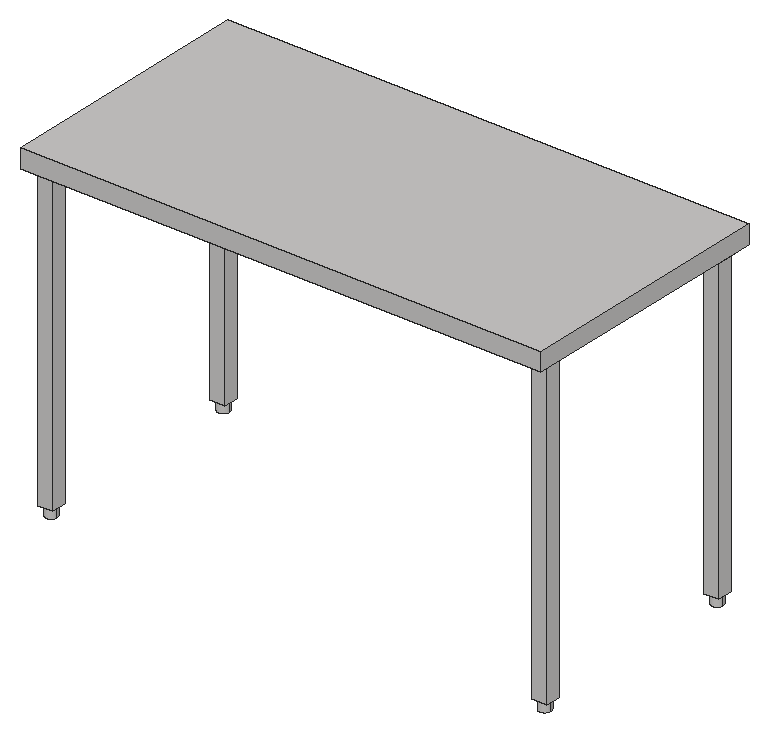
Revit family "QF_ZANUSSI_132841_WTD1407N", category Attrezzature speciali, Revit 2020
Family settings
  Quota connettore circolare = Usa diametro
  Tipo di parte = Normale
  Basato su piano di lavoro = No
  Sempre verticale = Sì
  Taglio con vuoti quando caricato = No
  Condiviso = No
  Punto di calcolo locali = No
Parameters (values of type "Standard")
  Weight = 47.00 kg
  Watts = 0 W
  Volts = 0 V
  URL Manufacturer = "http://www.zanussiprofessional.com"
  URL = "http://www.zanussiprofessional.com"
  Steam Supply Size = 0 mm
  Steam Supply Minimum Pressure = 0.0 Pa
  Steam Supply Maximum Pressure = 0.0 Pa
  Steam Consumption per Hour = 0
  Refrigeration Suction Line Size = 0.0 mm
  Refrigeration Liquid Line Size = 0.0 mm
  Refrigerant Compressor Remote = yes
  Prospetto di default = 0.0 mm
  Produttore = "Zanussi"
  Phase = 0
  Modello = "WTD1407N"
  Length Actual = 1400.0 mm  # constant formula
  Item Number = "132841"
  Hot Water Size = 0 mm
  Height Actual = 900.0 mm  # constant formula
  HP = "0 HP"
  Gas Size = 0 mm
  Gas KW = 0
  Gas Input Pressure = 0 W
  Direct Waste Size = 0 mm
  Descrizione = "WORK TABLE-DISASSEMBLED 1400MM"
  Depth Actual = 700.0 mm  # constant formula
  Cycle = 0 Hz
  Condensate Return Size = 0 mm
  Compressed Air Volume = 0.0 L/s
  Compressed Air Size = 0 mm
  Compressed Air Pressure = 0.0 Pa
  Cold Water Size = 0 mm
  Accessory = yes
Reference planes
  plane 1 "Center (Front/Back)": y = 0
  plane 2: z = 0
  plane 3 "Center (Left/Right)": x = -200
  plane 4 "LEFT": x = -900
  plane 5 "RIGHT": x = 500
  plane 6 "BACK": y = 350
  plane 7 "FRONT": y = -350
  plane 8 "Base": z = 850
  plane 9 "TOP": z = 900
  plane 10: x = -864.5
  plane 11: x = 464.5
  plane 12: y = 290
  plane 13: y = -290
Forms (mm)
  Extrusion 1, solid, material "QF_Finishes_Stainless Steel"
    sketch origin (-200, 0, 0) x (0, 1, 0) y (0, 0, 1)
      loop
        line (-350, 850) -> (350, 850) -> (350, 900) -> (-350, 900) -> (-350, 850)
    from 700 to -700
Lines and regions (mm)
  symbolic lines
    curve 1: line (500, 350, 900) -> (-900, 350, 900)
    curve 2: line (-900, 350, 900) -> (-900, -350, 900)
    curve 3: line (-900, -350, 900) -> (500, -350, 900)
    curve 4: line (500, -350, 900) -> (500, 350, 900)
Dimensions and locks
  plane 4 "LEFT" to plane 5 "RIGHT" = 1400.0 mm
  equal spacing: plane 4 "LEFT", plane 3 "Center (Left/Right)", plane 5 "RIGHT"
  locked: plane 8 "Base" to level at 850
  plane 4 "LEFT" to plane 10 = 35.5 mm
  plane 11 to plane 5 "RIGHT" = 35.5 mm
  plane 10 to plane 11 = 1329.0 mm
  locked: plane 9 "TOP" to level at 900
  plane 6 "BACK" to plane 12 = 60.0 mm
  plane 13 to plane 7 "FRONT" = 60.0 mm
  plane 6 "BACK" to plane 7 "FRONT" = 700.0 mm
  plane 12 to plane 13 = 580.0 mm
  equal spacing: plane 6 "BACK", plane 1 "Center (Front/Back)", plane 7 "FRONT"
  aligned and locked: level to plane 2
  aligned and locked: plane 10 to nested 1
  aligned and locked: nested 1 to plane 13
  aligned and locked: plane 11 to nested 2
  aligned and locked: nested 2 to plane 13
  aligned and locked: plane 11 to nested 4
  aligned and locked: nested 4 to plane 12
  aligned and locked: plane 10 to nested 3
  aligned and locked: nested 3 to plane 12
  aligned and locked: Extrusion 1 to plane 4 "LEFT"
  aligned and locked: plane 5 "RIGHT" to Extrusion 1
  aligned and locked: curve 2 to plane 4 "LEFT"
Automatic sketch dimensions
  Extrusion 1 sketch curve to plane 7 "FRONT" = 0.0 mm
  Extrusion 1 sketch curve to plane 8 "Base" = 0.0 mm
  curve 3 to plane 7 "FRONT" = 0.0 mm
  curve 4 to plane 6 "BACK" = 0.0 mm
  Extrusion 1 sketch curve to plane 9 "TOP" = 0.0 mm
  Extrusion 1 sketch curve to plane 6 "BACK" = 0.0 mm
  curve 4 to plane 5 "RIGHT" = 0.0 mm
Nested families
  nested 1: "FEET_40x40" at (-864.5, -290, 0), type "FEET_40x40"
  nested 2: "FEET_40x40" at (464.5, -290, 0), type "FEET_40x40"
  nested 3: "FEET_40x40" at (-864.5, 290, 0), type "FEET_40x40"
  nested 4: "FEET_40x40" at (464.5, 290, 0), type "FEET_40x40"
Definition of nested family "FEET_40x40"
  Parameters
    Default Elevation = 0.0 mm
    FEET = 850.0 mm
  Reference planes
    plane 1 "Center (Front/Back)": y = 0
    plane 2: z = 0
    plane 3 "Center (Left/Right)": x = 0
    plane 4: z = 850
  Forms (mm)
    Extrusion 1, solid
      sketch origin (0, 0, 0) x (1, 0, 0) y (0, 1, 0)
        loop
          line (-20, -20) -> (20, -20) -> (20, 20) -> (-20, 20) -> (-20, -20)
      from 25 to 845
    Extrusion 2, solid
      sketch origin (0, 0, 0) x (1, 0, 0) y (0, 1, 0)
        loop
          circle (0, 0) r 16
      from 0 to 25
    Extrusion 3, solid
      sketch origin (0, 0, 0) x (1, 0, 0) y (0, 1, 0)
        loop
          line (30, 30) -> (-30, 30) -> (-30, -30) -> (30, -30) -> (30, 30)
      from 845 to 850
  Lines and regions (mm)
    symbolic lines
      curve 1: line (0, -1.503, 0) -> (0, 1.508, 0)
      curve 2: line (1.561, 0, 0) -> (-1.439, 0, 0)
  Dimensions and locks
    "FEET": plane 4 to plane 2
    aligned and locked: level to plane 2
  Automatic sketch dimensions
    Extrusion 1 sketch curve to plane 3 "Center (Left/Right)" = 20.0 mm
    plane 3 "Center (Left/Right)" to Extrusion 1 sketch curve = 20.0 mm
    plane 1 "Center (Front/Back)" to Extrusion 1 sketch curve = 20.0 mm
    Extrusion 1 sketch curve to plane 1 "Center (Front/Back)" = 20.0 mm
    plane 1 "Center (Front/Back)" to Extrusion 2 sketch curve = 0.0 mm
    Extrusion 2 sketch curve to plane 3 "Center (Left/Right)" = 0.0 mm
    plane 3 "Center (Left/Right)" to Extrusion 3 sketch curve = 30.0 mm
    Extrusion 3 sketch curve to plane 1 "Center (Front/Back)" = 30.0 mm
    Extrusion 3 sketch curve to plane 3 "Center (Left/Right)" = 30.0 mm
    plane 1 "Center (Front/Back)" to Extrusion 3 sketch curve = 30.0 mm
    plane 1 "Center (Front/Back)" to curve 2 = 0.0 mm
    curve 1 to plane 3 "Center (Left/Right)" = 0.0 mm
    curve 2 to plane 3 "Center (Left/Right)" = 1.439 mm
    plane 3 "Center (Left/Right)" to curve 2 = 1.561 mm
    plane 1 "Center (Front/Back)" to curve 1 = 1.503 mm
    curve 1 to plane 1 "Center (Front/Back)" = 1.508 mm
    radius of Extrusion 2 sketch curve = 16.0 mm
